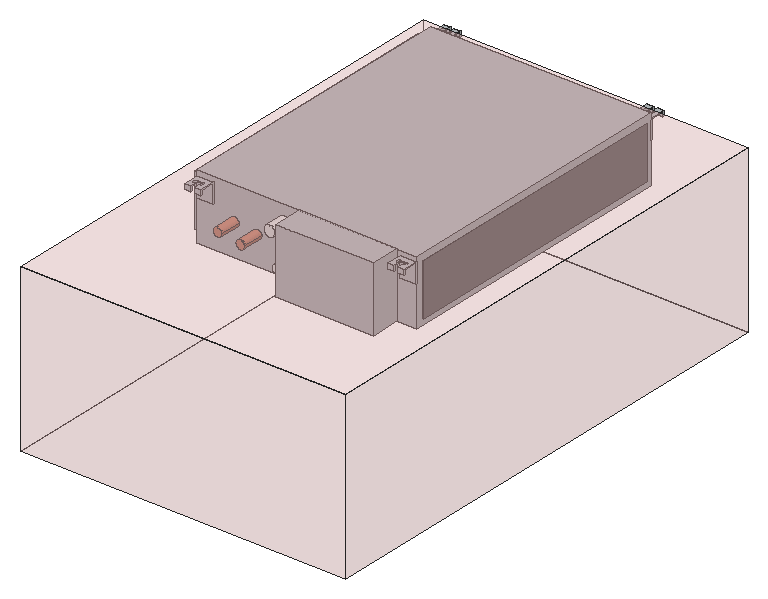
Revit family "PEFY-WP40VMS1-E_Service_Area1", category Mechanical Equipment, host Ceiling, Revit 2012
Parameters (values of type "PEFY-WP40VMS1-E_240V_60Hz")
  Description = "Ceiling concealed"
  Manufacturer = "Mitsubishi Electric Corporation"
  Model = "PEFY-WP40VMS1-E"
  Width = 990 mm
  Water Pipe_radius (To HBC Unit) = 13.2 mm
  Water Pipe_radius (From HBC Unit) = 13.2 mm
  WarrantyStart = ""
  Voltage = 240 V
  Unit Weight (kg) = 25
  URL = "http://www.mitsubishielectric.com/"
  TagNumber = 0
  Subcategory = "HVAC"
  Space View = yes
  Sound Pressure Level_Mid (dB(A)) = 32
  Sound Pressure Level_Low (dB(A)) = 30
  Sound Pressure Level_High (dB(A)) = 35
  SerialNumber = 0
  ReplacementYear = ""
  Protection Device = "Fuse"
  Phase = 1
  Maximum Circuit Ampacity (A) = 1
  InstallationDate = ""
  Hertz = 60 Hz
  Height = 200 mm
  Heating Power Input (kW) = 0.07
  Heating Current (A) = 0.62
  Heating Capacity (kW) = 5
  Fan_Type = "Sirocco fan"
  Fan_Quantity = 3
  Fan Motor Output (kW) = 0.096
  External_static_pressure (Pa) = "5-15-35-50"
  External Finish = "Galvanized steel plate"
  Equip_description = ""
  Equip_No. = 0
  Equip_ID = ""
  Drain pipe2_radius = 16 mm
  Drain pipe1_radius = 16 mm
  Description = ""
  Depth = 700 mm
  CreatedOn = ""
  CreatedBy = ""
  Cooling Power Input (kW) = 0.09
  Cooling Current (A) = 0.73
  Cooling Capacity (kW) = 4.5
  Category = ""
  Barcode = ""
  AssetIdentifier = ""
  Airflow Rate_Mid (m3/min) = 11
  Airflow Rate_Mid (m3/h) = 660
  Airflow Rate_Low (m3/min) = 9.5
  Airflow Rate_Low (m3/h) = 570
  Airflow Rate_High (m3/min) = 13
  Airflow Rate_High (m3/h) = 780
Types (6, lengths in mm): name | Voltage | Maximum Circuit Ampacity (A) | Hertz
  PEFY-WP40VMS1-E_220V_50Hz | 220 V | 1.02 | 50 Hz
  PEFY-WP40VMS1-E_220V_60Hz | 220 V | 1 | 60 Hz
  PEFY-WP40VMS1-E_230V_50Hz | 230 V | 1.02 | 50 Hz
  PEFY-WP40VMS1-E_230V_60Hz | 230 V | 1 | 60 Hz
  PEFY-WP40VMS1-E_240V_50Hz | 240 V | 1.02 | 50 Hz
  PEFY-WP40VMS1-E_240V_60Hz | 240 V | 1 | 60 Hz
Reference planes
  plane 1 "Center (Front/Back)": y = 0
  plane 2: z = 0
  plane 3 "Center (Left/Right)": x = 0
  plane 4 "Ceiling": z = 3750
  plane 5: z = 4050
  plane 6: z = 4250
  plane 7: y = -450
  plane 8: y = 350
  plane 9: y = 450
  plane 10: z = 4235
  plane 11: x = 325
  plane 12: x = 350
  plane 13: x = -300
  plane 14: x = -350
  plane 15: z = 4230
  plane 16: x = -57
  plane 17: z = 4202
  plane 18: z = 4080
  plane 19: x = -211
  plane 20: x = -141
  plane 21: z = 4148
  plane 22: z = 4138
  plane 23: y = -30
  plane 24: y = -540
Forms (mm)
  Extrusion 1, solid, material "Plated steel"
    sketch origin (88.259, -237.375, 3750) x (1, 0, 0) y (0, 1, 0)
      loop
        line (-415.259, 687.375) -> (-415.259, -212.625) -> (261.741, -212.625) -> (261.741, 687.375) -> (-415.259, 687.375)
    from 300 to 500
  Extrusion 2, solid, material "Service space", visible <- "Space View"
    sketch origin (-2000, 6100, 4050) x (0, 1, 0) y (1, 0, 0)
      loop
        line (-7200, 1650) -> (-5650, 1650) -> (-5650, 2650) -> (-7200, 2650) -> (-7200, 1650)
    from 300 to -210
  Extrusion 3, solid
    sketch origin (0, 100, 0) x (0, 1, 0) y (0, 0, 1)
      loop
        line (-530, 4230) -> (-530, 4071) -> (330, 4071) -> (330, 4230) -> (-530, 4230)
    from 350 to 355
  Extrusion 4, solid
    sketch origin (-350, 100, 4250) x (0, 0, 1) y (0, -1, 0)
      loop
        line (-20, 530) -> (-179, 530) -> (-179, -330) -> (-20, -330) -> (-20, 530)
    from 0 to 23
  Extrusion 5, solid
    sketch origin (794.259, -450, 3750) x (-1, 0, 0) y (0, 0, -1)
      loop
        circle (851.259, -452) r 16
    from 0 to 57
  Extrusion 6, solid
    sketch origin (794.259, -450, 3750) x (-1, 0, 0) y (0, 0, -1)
      loop
        circle (851.259, -330) r 16
    from 0 to 25
  Extrusion 7, solid
    sketch origin (794.259, -450, 3750) x (-1, 0, 0) y (0, 0, -1)
      loop
        line (505.751, -500) -> (805.751, -500) -> (805.751, -300) -> (505.751, -300) -> (505.751, -500)
    from 0 to 90
  Extrusion 8, solid
    sketch origin (794.259, -450, 3750) x (-1, 0, 0) y (0, 0, -1)
      loop
        circle (1005.259, -398) r 13.2
      loop
        circle (935.259, -388) r 13.2
    from 0 to 64
Lines and regions (mm)
  model lines
    curve 1: line (-300, 300, 3750) -> (150, 300, 3750)
    curve 2: line (-300, -150, 3750) -> (-300, 300, 3750)
    curve 3: line (150, -150, 3750) -> (-300, -150, 3750)
    curve 4: line (150, 300, 3750) -> (150, -150, 3750)
    curve 5: line (125, -650, 3750) -> (575, -650, 3750)
    curve 6: line (125, -1100, 3750) -> (125, -650, 3750)
    curve 7: line (575, -1100, 3750) -> (125, -1100, 3750)
    curve 8: line (575, -650, 3750) -> (575, -1100, 3750)
Dimensions and locks
  equal spacing: host sketch curve, plane 3 "Center (Left/Right)", host sketch curve
  equal spacing: host sketch curve, plane 1 "Center (Front/Back)", host sketch curve
  host sketch curve to host sketch curve = 4000 mm  (x2)
  locked: plane 4 "Ceiling" to host ceiling at 0
  Extrusion 1 to Extrusion 1 = 900 mm
  Extrusion 1 to plane 1 "Center (Front/Back)" = 450 mm
  plane 5 to Extrusion 1 = 200 mm
  plane 6 to plane 5 = 200 mm
  plane 4 "Ceiling" to plane 5 = 300 mm
  Extrusion 1 to Extrusion 1 = 677 mm
  plane 7 to plane 9 = 900 mm
  locked: plane 10 to plane 6 at 15
  locked: plane 15 to plane 6 at 20
  locked: Extrusion 3 to plane 15 at 159
  locked: Extrusion 4 to plane 15 at 159
  plane 6 to plane 17 to plane 18 = 48 mm locked, 122 mm locked
  locked: Extrusion 7 to Extrusion 7 at 200
  plane 6 to plane 21 to plane 22 = 102 mm locked, 10 mm locked
  aligned and locked: plane 5 to Extrusion 1
  aligned and locked: Extrusion 1 to plane 6
  aligned and locked: plane 7 to Extrusion 1
  aligned and locked: plane 9 to Extrusion 1
  aligned and locked: nested 1 to Extrusion 1
  aligned and locked: nested 1 to plane 13
  aligned and locked: nested 1 to plane 10
  aligned and locked: nested 2 to plane 10
  aligned and locked: plane 10 to nested 4
  aligned and locked: plane 10 to nested 3
  aligned and locked: nested 4 to plane 9
  aligned and locked: nested 3 to plane 9
  aligned and locked: Extrusion 3 to plane 15
  aligned and locked: Extrusion 4 to plane 15
  aligned and locked: plane 7 to nested 2
  aligned and locked: plane 17 to Extrusion 5
  aligned and locked: plane 18 to Extrusion 6
  aligned and locked: Extrusion 7 to plane 6
  aligned and locked: plane 21 to Extrusion 8
  aligned and locked: plane 22 to Extrusion 8
Nested families
  nested 1: "LEG" at (-300, -476, 4235), type "LEG_28"
  nested 2: "LEG" at (325, -476, 4235), type "LEG_28"
  nested 3: "LEG" at (-300, 476, 4235), type "LEG_28"
  nested 4: "LEG" at (325, 476, 4235), type "LEG_28"
Connectors
  piping at (-57, -507, 4202), driven by "Drain pipe1_radius"
    settings: on Extrusion 5, index 1, connector radius 16 mm, flow factor 0, pipe flow 0.0 L/s, pressure drop 0.0 Pa, fitting loss kfactor 0, connector angle 0.00°, fixture units 0, engagement length 0 mm, flow configuration 0, flow direction 2, fitting loss method 0, system type 22, joint type 0, gender type 0, connector reference index -1, connector utility 0, adjustable connector no, is connector primary yes, fitting loss table "", connector description "Drain pipe"
  piping at (-57, -475, 4080), driven by "Drain pipe2_radius"
    settings: on Extrusion 6, index 2, connector radius 16 mm, flow factor 0, pipe flow 0.0 L/s, pressure drop 0.0 Pa, fitting loss kfactor 0, connector angle 0.00°, fixture units 0, engagement length 0 mm, flow configuration 0, flow direction 2, fitting loss method 0, system type 22, joint type 0, gender type 0, connector reference index -1, connector utility 0, adjustable connector no, is connector primary no, fitting loss table "", connector description "Drain pipe"
  piping at (-141, -514, 4138)
    settings: on Extrusion 8, index 3, connector radius 13.2 mm, flow factor 0, pipe flow 0.0 L/s, pressure drop 0.0 Pa, fitting loss kfactor 0, connector angle 0.00°, fixture units 0, engagement length 0 mm, flow configuration 0, flow direction 1, fitting loss method 0, system type 22, joint type 0, gender type 0, connector reference index -1, connector utility 0, adjustable connector no, is connector primary no, fitting loss table "", connector description "Water pipe(From HBC unit)"
  piping at (-211, -514, 4148)
    settings: on Extrusion 8, index 4, connector radius 13.2 mm, flow factor 0, pipe flow 0.0 L/s, pressure drop 0.0 Pa, fitting loss kfactor 0, connector angle 0.00°, fixture units 0, engagement length 0 mm, flow configuration 0, flow direction 2, fitting loss method 0, system type 22, joint type 0, gender type 0, connector reference index -1, connector utility 0, adjustable connector no, is connector primary no, fitting loss table "", connector description "Water pipe(To HBC unit)"
  hvac at (355, 0, 4150.5)
    settings: on Extrusion 3, index 5, duct flow 0.0 L/s, flow factor 0, pres drop 0.0 Pa, loss coef 0, conn angle 0.00°, conn width 860 mm, conn height 160 mm, conn radius 304.8 mm, duct sys type 1, conn prof type 1, flow config 0, flow direction 1, loss method 0, conn ref index -1, conn util no, is conn primary yes, conn desc "Air inlet"
  hvac at (-350, 0, 4150.5)
    settings: on Extrusion 4, index 6, duct flow 0.0 L/s, flow factor 0, pres drop 0.0 Pa, loss coef 0, conn angle 0.00°, conn width 860 mm, conn height 150 mm, conn radius 304.8 mm, duct sys type 3, conn prof type 1, flow config 0, flow direction 2, loss method 0, conn ref index -1, conn util no, is conn primary no, conn desc "Air outlet"
  electrical at (288.508, -495, 4150), driven by "Phase", driven by "Voltage"
    settings: on Extrusion 7, index 7, voltage 240 V, apparent load 0 VA, apparent load phase1 0 VA, apparent load phase2 0 VA, apparent load phase3 0 VA, power factor 1, load classification "Other", number of poles 1, system type 30, power factor state 1, is connector primary yes, connector utility no, sub classification motor no, connector description ""
Definition of nested family "LEG"
  Parameters (values of type "LEG_28")
    product distance = 28 mm
  Reference planes
    plane 1 "中心(正面/背面)": y = 0
    plane 2: z = 0
    plane 3 "中心(左/右)": x = 0
    plane 4: x = -25
    plane 5: x = 25
    plane 6: y = -23
    plane 7: y = 28
    plane 8: x = -8
    plane 9: x = 8
    plane 10: x = -6
    plane 11: x = 6
  Forms (mm)
    Extrusion 1, solid, material "Plated steel"
      sketch origin (0, 0, 0) x (1, 0, 0) y (0, 1, 0)
        loop
          line (-25, 26) -> (-25, -23) -> (25, -23) -> (25, 26) -> (-25, 26)
      from 0 to -60
    Extrusion 2, void
      sketch origin (0, 0, 0) x (0, 1, 0) y (0, 0, 1)
        loop
          line (-20.7, -2.3) -> (-20.7, -15) -> (-23, -15) -> (-23, -60) -> (24, -60) -> (24, -2.3) -> (-20.7, -2.3)
      from -25 to 25
    Extrusion 3, void
      sketch origin (0, 0, 0) x (1, 0, 0) y (0, 1, 0)
        loop
          arc (-8, 7) -> (-15, 0) -> (-8, -7) r 7
          line (-8, -7) -> (-6, -7) -> (-6, -23) -> (6, -23) -> (6, -7) -> (8, -7)
          arc (8, -7) -> (15, 0) -> (8, 7) r 7
          line (8, 7) -> (-8, 7)
      from 0 to -60
  Cuts and joins
    Extrusion 2, Extrusion 3 cuts Extrusion 1
  Dimensions and locks
    locked: Extrusion 1 sketch curve to Extrusion 1 sketch curve at 50
    equal spacing: Extrusion 1 sketch curve, plane 3 "中心(左/右)", Extrusion 1 sketch curve
    locked: plane 6 to plane 1 "中心(正面/背面)" at 23
    "product distance": plane 1 "中心(正面/背面)" to plane 7
    plane 7 to Extrusion 2 sketch curve = 4 mm
    locked: cut or joined group of Extrusion 1, Extrusion 2, Extrusion 3 to cut or joined group of Extrusion 1, Extrusion 2, Extrusion 3 at 2.3  (x2)
    aligned and locked: level to plane 2
    aligned and locked: Extrusion 2 to Extrusion 1
    aligned and locked: Extrusion 1 to Extrusion 2
    aligned and locked: Extrusion 2 sketch curve to cut or joined group of Extrusion 1, Extrusion 2, Extrusion 3  (x2)
    aligned and locked: cut or joined group of Extrusion 1, Extrusion 2, Extrusion 3 to Extrusion 3 sketch curve
    aligned and locked: plane 6 to Extrusion 1 sketch curve
  Automatic sketch dimensions
    Extrusion 2 sketch curve to plane 6 = 2.3 mm
    Extrusion 2 sketch curve to level = 15 mm
    Extrusion 2 sketch curve to level = 2.3 mm
    plane 1 "中心(正面/背面)" to Extrusion 3 sketch curve = 0 mm  (x2)
    Extrusion 3 sketch curve to plane 8 = 0 mm
    Extrusion 3 sketch curve to plane 10 = 0 mm
    Extrusion 3 sketch curve to plane 11 = 0 mm
    Extrusion 3 sketch curve to plane 9 = 0 mm  (x2)
    plane 1 "中心(正面/背面)" to Extrusion 3 sketch curve = 7 mm
    plane 7 to Extrusion 1 sketch curve = 2 mm
